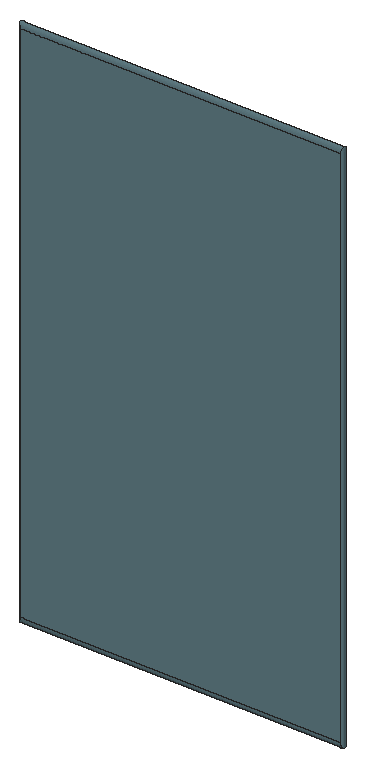
Revit family "FU_Panel_Sandler_Kern 1210PT", category Furniture, Revit 2022
Family settings
  OmniClass Number = 23.40.20.00
  OmniClass Title = General Furniture and Specialties
  Work Plane-Based = No
  Always vertical = Yes
  Cut with Voids When Loaded = No
  Render Appearance Source = Family Geometry
  Shared = No
  Room Calculation Point = No
Parameters (values of type "KERN 1210PT")
  Width = 655 mm
  URL = "https://www.sandlerseating.com/product/kern-1210pt/"
  Panel [instance] = Fabric - Mainline Flax - Pimlico MLF34
  Model = "KERN 1210PT"
  Manufacturer = "Sandler"
  Description = "Privacy screen for single Kern seats with backrests."
  Default Elevation = 0 mm
Reference planes
  plane 1 "Center (Front/Back)": y = 0
  plane 2: z = 0
  plane 3 "Center (Left/Right)": x = 0
  plane 4 "Right": x = -327.5
  plane 5 "Left": x = 327.5
  plane 6 "Panel Front": y = 357.5
  plane 7 "Panel Back": y = 368.5
  plane 8 "Panel Elevation": z = 170
  plane 9 "Height": z = 1260
Forms (mm)
  Sweep 1, solid, material "Fabric - Mainline Flax - Pimlico MLF34" <- "Panel"
    path origin (0, 357.5, 0) x (-1, 0, 0) y (0, 0, 1)
      loop
        line (327.5, 170) -> (-327.5, 170)
    profile "Pro_Kern_Panel : Pro_Kern_Panel" origin (0, 357.5, 170) x (0, 0, -1) y (0, 1, 0)
      loop
        line (-1079, 0) -> (-11, 0)
        spline (-11, 0) -> (-8.153, 0.187) -> (-5.5, 0.737) -> (-3.222, 1.611) -> (-1.474, 2.75) -> (-0.375, 4.076) -> (0, 5.5) -> (-0.375, 6.924) -> (-1.474, 8.25) -> (-3.222, 9.389) -> (-5.5, 10.263) -> (-8.153, 10.813) -> (-11, 11)
        line (-11, 11) -> (-1079, 11)
        spline (-1079, 11) -> (-1081.847, 10.813) -> (-1084.5, 10.263) -> (-1086.778, 9.389) -> (-1088.526, 8.25) -> (-1089.625, 6.924) -> (-1090, 5.5) -> (-1089.625, 4.076) -> (-1088.526, 2.75) -> (-1086.778, 1.611) -> (-1084.5, 0.737) -> (-1081.847, 0.187) -> (-1079, 0)
  Sweep 2, void
    path origin (-327.5, 0, 0) x (0, -1, 0) y (0, 0, 1)
      loop
        line (-363, 160) -> (-363, 1295)
    profile "Pro_edgeCut_6mm_alt : Pro_edgeCut_6mm_alt" origin (-327.5, 363, 727.5) x (0, 1, 0) y (-1, 0, 0)
      loop
        arc (5.939, -5.172) -> (6.26, -5.764) -> (6.89, -6) r 0.961
        line (6.89, -6) -> (9.996, -6) -> (9.996, 2.035) -> (-10.004, 2.035) -> (-10.004, -6) -> (-6.907, -6)
        arc (-6.907, -6) -> (-6.27, -5.762) -> (-5.945, -5.164) r 0.971
        arc (-5.945, -5.164) -> (0, 0) -> (5.939, -5.172) r 6
  Sweep 3, void
    path origin (327.5, 0, 0) x (0, -1, 0) y (0, 0, -1)
      loop
        line (-363, -160) -> (-363, -1295)
    profile "Pro_edgeCut_6mm_alt : Pro_edgeCut_6mm_alt" origin (327.5, 363, 727.5) x (0, -1, 0) y (1, 0, 0)
      loop
        arc (-5.939, -5.172) -> (0, 0) -> (5.945, -5.164) r 6
        arc (5.945, -5.164) -> (6.27, -5.762) -> (6.907, -6) r 0.971
        line (6.907, -6) -> (10.004, -6) -> (10.004, 2.035) -> (-9.996, 2.035) -> (-9.996, -6) -> (-6.89, -6)
        arc (-6.89, -6) -> (-6.26, -5.764) -> (-5.939, -5.172) r 0.961
Cuts and joins
  Sweep 2, Sweep 3 cuts Sweep 1
Dimensions and locks
  equal spacing: plane 4 "Right", plane 3 "Center (Left/Right)", plane 5 "Left"
  "Width": plane 4 "Right" to plane 5 "Left"
  plane 1 "Center (Front/Back)" to plane 6 "Panel Front" = 357.5 mm
  aligned and locked: level to plane 2
Automatic sketch dimensions
  plane 5 "Left" to Sweep 1 sketch curve = 0 mm
  plane 4 "Right" to Sweep 1 sketch curve = 0 mm
  Sweep 1 sketch curve to plane 8 "Panel Elevation" = 0 mm
  plane 6 "Panel Front" to Sweep 2 sketch curve = 5.5 mm
  Sweep 2 sketch curve to plane 8 "Panel Elevation" = 10 mm
  plane 9 "Height" to Sweep 2 sketch curve = 35 mm
  plane 6 "Panel Front" to Sweep 3 sketch curve = 5.5 mm
  plane 9 "Height" to Sweep 3 sketch curve = 35 mm
  Sweep 3 sketch curve to plane 8 "Panel Elevation" = 10 mm
